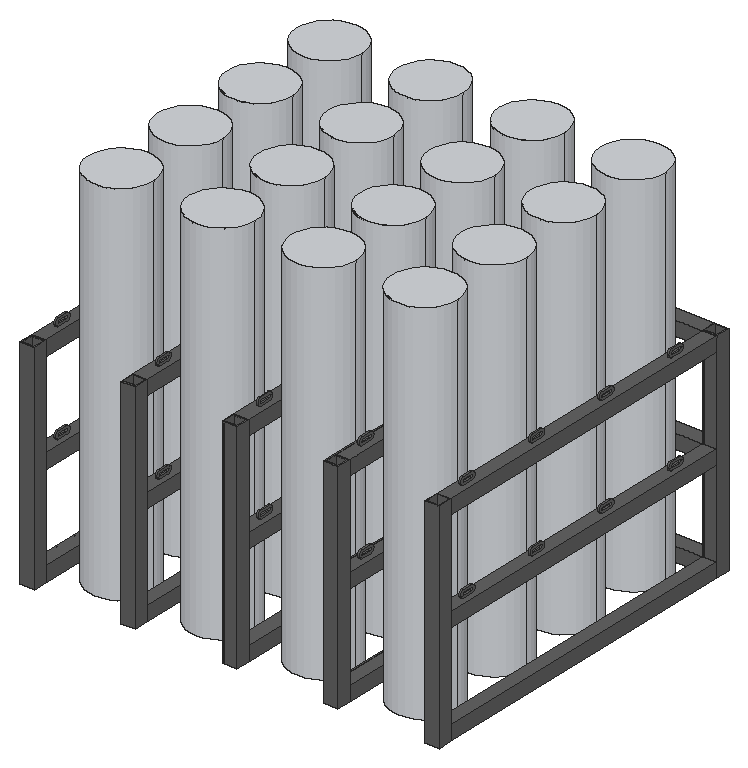
Revit family "4x4-cylinder-rack-BR4X4FS-USAsafety", category Generic Models, Revit 2014
Parameters
  Supplier = "USA Safety Solutions, Inc (www.usasafety.com)"
  Order or Request Quote = "http://www.usasafety.com/contacts"
  URL = "http://www.usasafety.com/4x4-gas-cylinder-rack-barricade-16-cylinders-p-71.html"
  Supplier Email = "sales@usasafety.com"
  Supplier Phone = "1-877-805-8650"
  Capacity = "1-16 cylinders (up to 12\" diameter)"
  Compliance = "NFPA, CGA, OSHA compliant (when used in accordance with guidelines)"
  Model = "#BR4X4FS"
  Manufacturer = ""
  Description = "Gas cylinder storage rack"
  Mounting = "Pre-drilled .531 inch diameter floor mounting holes"
  Accessories = "Two levels of welded steel chains, snaps for each cylinder"
  Weight = "339 lbs"
Reference planes (in)
  plane 1 "Center (Front/Back)": y = 0
  plane 2: z = 0
  plane 3 "Center (Left/Right)": x = 0
  plane 4: through (0.875, -174.54813, -10.63105) normal (0, -0.2588, 0.9659)
  plane 5: through (0.875, -174.54813, -24.63105) normal (0, -0.2588, 0.9659)
  plane 6: through (0.875, -162.54813, -10.63105) normal (0, -0.2588, 0.9659)
  plane 7: through (0.875, -162.54813, -24.63105) normal (0, -0.2588, 0.9659)
  plane 8: through (0.875, -186.54813, -10.63105) normal (0, -0.2588, 0.9659)
  plane 9: through (0.875, -186.54813, -24.63105) normal (0, -0.2588, 0.9659)
  plane 10: through (0.875, -198.54813, -10.63105) normal (0, -0.2588, 0.9659)
  plane 11: through (0.875, -198.54813, -24.63105) normal (0, -0.2588, 0.9659)
Forms (in)
  Extrusion 1, solid, material "USA Safety Steel, Paint Finish, Black, Glossy"
    sketch origin (0, 0, 0) x (1, 0, 0) y (0, 1, 0)
      loop
        line (0, 0) -> (0, -2) -> (2, -2) -> (2, 0) -> (0, 0)
      loop
        line (1.875, -0.125) -> (0.125, -0.125) -> (0.125, -1.875) -> (1.875, -1.875) -> (1.875, -0.125)
    from 0 to 30
  Extrusion 2, solid, material "USA Safety Steel, Paint Finish, Black, Glossy"
    sketch origin (14, 0, 0) x (1, 0, 0) y (0, 1, 0)
      loop
        line (0, 0) -> (0, -2) -> (2, -2) -> (2, 0) -> (0, 0)
      loop
        line (1.875, -0.125) -> (0.125, -0.125) -> (0.125, -1.875) -> (1.875, -1.875) -> (1.875, -0.125)
    from 0 to 30
  Extrusion 3, solid, material "USA Safety Steel, Paint Finish, Black, Glossy"
    sketch origin (0, -48, 0) x (1, 0, 0) y (0, 1, 0)
      loop
        line (0, 0) -> (0, -2) -> (2, -2) -> (2, 0) -> (0, 0)
      loop
        line (1.875, -0.125) -> (0.125, -0.125) -> (0.125, -1.875) -> (1.875, -1.875) -> (1.875, -0.125)
    from 0 to 30
  Extrusion 4, solid, material "USA Safety Steel, Paint Finish, Black, Glossy"
    sketch origin (14, -48, 0) x (1, 0, 0) y (0, 1, 0)
      loop
        line (0, 0) -> (0, -2) -> (2, -2) -> (2, 0) -> (0, 0)
      loop
        line (1.875, -0.125) -> (0.125, -0.125) -> (0.125, -1.875) -> (1.875, -1.875) -> (1.875, -0.125)
    from 0 to 30
  Extrusion 5, solid, material "USA Safety Steel, Paint Finish, Black, Glossy"
    sketch origin (2, 0, 2) x (0, 0, -1) y (0, 1, 0)
      loop
        line (0, 0) -> (0, -2) -> (2, -2) -> (2, 0) -> (0, 0)
      loop
        line (1.875, -0.125) -> (0.125, -0.125) -> (0.125, -1.875) -> (1.875, -1.875) -> (1.875, -0.125)
    from 0 to 12
  Extrusion 6, solid, material "USA Safety Steel, Paint Finish, Black, Glossy"
    sketch origin (2, 0, 30) x (0, 0, -1) y (0, 1, 0)
      loop
        line (0, 0) -> (0, -2) -> (2, -2) -> (2, 0) -> (0, 0)
      loop
        line (1.875, -0.125) -> (0.125, -0.125) -> (0.125, -1.875) -> (1.875, -1.875) -> (1.875, -0.125)
    from 0 to 12
  Extrusion 7, solid, material "USA Safety Steel, Paint Finish, Black, Glossy"
    sketch origin (2, 0, 16) x (0, 0, -1) y (0, 1, 0)
      loop
        line (0, 0) -> (0, -2) -> (2, -2) -> (2, 0) -> (0, 0)
      loop
        line (1.875, -0.125) -> (0.125, -0.125) -> (0.125, -1.875) -> (1.875, -1.875) -> (1.875, -0.125)
    from 0 to 12
  Extrusion 8, solid, material "USA Safety Steel, Paint Finish, Black, Glossy"
    sketch origin (0, -14, 2) x (0, 0, -1) y (-1, 0, 0)
      loop
        line (0, 0) -> (0, -2) -> (2, -2) -> (2, 0) -> (0, 0)
      loop
        line (1.875, -0.125) -> (0.125, -0.125) -> (0.125, -1.875) -> (1.875, -1.875) -> (1.875, -0.125)
    from -34 to 12
  Extrusion 9, solid, material "USA Safety Steel, Paint Finish, Black, Glossy"
    sketch origin (0, -14, 30) x (0, 0, -1) y (-1, 0, 0)
      loop
        line (0, 0) -> (0, -2) -> (2, -2) -> (2, 0) -> (0, 0)
      loop
        line (1.875, -0.125) -> (0.125, -0.125) -> (0.125, -1.875) -> (1.875, -1.875) -> (1.875, -0.125)
    from -34 to 12
  Extrusion 10, solid, material "USA Safety Steel, Paint Finish, Black, Glossy"
    sketch origin (0, -14, 16) x (0, 0, -1) y (-1, 0, 0)
      loop
        line (0, 0) -> (0, -2) -> (2, -2) -> (2, 0) -> (0, 0)
      loop
        line (1.875, -0.125) -> (0.125, -0.125) -> (0.125, -1.875) -> (1.875, -1.875) -> (1.875, -0.125)
    from -34 to 12
  Extrusion 11, solid, material "USA Safety Steel, Paint Finish, Black, Glossy"
    sketch origin (14, -14, 2) x (0, 0, -1) y (-1, 0, 0)
      loop
        line (0, 0) -> (0, -2) -> (2, -2) -> (2, 0) -> (0, 0)
      loop
        line (1.875, -0.125) -> (0.125, -0.125) -> (0.125, -1.875) -> (1.875, -1.875) -> (1.875, -0.125)
    from -34 to 12
  Extrusion 12, solid, material "USA Safety Steel, Paint Finish, Black, Glossy"
    sketch origin (14, -14, 30) x (0, 0, -1) y (-1, 0, 0)
      loop
        line (0, 0) -> (0, -2) -> (2, -2) -> (2, 0) -> (0, 0)
      loop
        line (1.875, -0.125) -> (0.125, -0.125) -> (0.125, -1.875) -> (1.875, -1.875) -> (1.875, -0.125)
    from -34 to 12
  Extrusion 13, solid, material "USA Safety Steel, Paint Finish, Black, Glossy"
    sketch origin (14, -14, 16) x (0, 0, -1) y (-1, 0, 0)
      loop
        line (0, 0) -> (0, -2) -> (2, -2) -> (2, 0) -> (0, 0)
      loop
        line (1.875, -0.125) -> (0.125, -0.125) -> (0.125, -1.875) -> (1.875, -1.875) -> (1.875, -0.125)
    from -34 to 12
  Extrusion 14, solid, material "USA Safety Steel, Paint Finish, Black, Glossy"
    sketch origin (15.125, -11.78704, 39.90169) x (0, -1, 0) y (0, 0, 1)
      loop
        line (19.54046, -9.90169) -> (20.88546, -9.90169)
        arc (20.88546, -9.90169) -> (21.40046, -9.38669) -> (20.88546, -8.87169) r 0.515
        line (20.88546, -8.87169) -> (19.54046, -8.87169)
        arc (19.54046, -8.87169) -> (19.02546, -9.38669) -> (19.54046, -9.90169) r 0.515
      loop
        line (19.54046, -9.65169) -> (20.88546, -9.65169)
        arc (20.88546, -9.65169) -> (21.15046, -9.38669) -> (20.88546, -9.12169) r 0.265
        line (20.88546, -9.12169) -> (19.54046, -9.12169)
        arc (19.54046, -9.12169) -> (19.27546, -9.38669) -> (19.54046, -9.65169) r 0.265
    from 0 to 0.25
  Extrusion 15, solid, material "USA Safety Steel, Paint Finish, Black, Glossy"
    sketch origin (1.125, -11.78704, 39.90169) x (0, -1, 0) y (0, 0, 1)
      loop
        line (19.54046, -9.90169) -> (20.88546, -9.90169)
        arc (20.88546, -9.90169) -> (21.40046, -9.38669) -> (20.88546, -8.87169) r 0.515
        line (20.88546, -8.87169) -> (19.54046, -8.87169)
        arc (19.54046, -8.87169) -> (19.02546, -9.38669) -> (19.54046, -9.90169) r 0.515
      loop
        line (19.54046, -9.65169) -> (20.88546, -9.65169)
        arc (20.88546, -9.65169) -> (21.15046, -9.38669) -> (20.88546, -9.12169) r 0.265
        line (20.88546, -9.12169) -> (19.54046, -9.12169)
        arc (19.54046, -9.12169) -> (19.27546, -9.38669) -> (19.54046, -9.65169) r 0.265
    from 0 to 0.25
  Extrusion 16, solid, material "USA Safety Steel, Paint Finish, Black, Glossy"
    sketch origin (15.125, -11.78704, 25.90169) x (0, -1, 0) y (0, 0, 1)
      loop
        line (19.54046, -9.90169) -> (20.88546, -9.90169)
        arc (20.88546, -9.90169) -> (21.40046, -9.38669) -> (20.88546, -8.87169) r 0.515
        line (20.88546, -8.87169) -> (19.54046, -8.87169)
        arc (19.54046, -8.87169) -> (19.02546, -9.38669) -> (19.54046, -9.90169) r 0.515
      loop
        line (19.54046, -9.65169) -> (20.88546, -9.65169)
        arc (20.88546, -9.65169) -> (21.15046, -9.38669) -> (20.88546, -9.12169) r 0.265
        line (20.88546, -9.12169) -> (19.54046, -9.12169)
        arc (19.54046, -9.12169) -> (19.27546, -9.38669) -> (19.54046, -9.65169) r 0.265
    from 0 to 0.25
  Extrusion 17, solid, material "USA Safety Steel, Paint Finish, Black, Glossy"
    sketch origin (1.125, -11.78704, 25.90169) x (0, -1, 0) y (0, 0, 1)
      loop
        line (19.54046, -9.90169) -> (20.88546, -9.90169)
        arc (20.88546, -9.90169) -> (21.40046, -9.38669) -> (20.88546, -8.87169) r 0.515
        line (20.88546, -8.87169) -> (19.54046, -8.87169)
        arc (19.54046, -8.87169) -> (19.02546, -9.38669) -> (19.54046, -9.90169) r 0.515
      loop
        line (19.54046, -9.65169) -> (20.88546, -9.65169)
        arc (20.88546, -9.65169) -> (21.15046, -9.38669) -> (20.88546, -9.12169) r 0.265
        line (20.88546, -9.12169) -> (19.54046, -9.12169)
        arc (19.54046, -9.12169) -> (19.27546, -9.38669) -> (19.54046, -9.65169) r 0.265
    from 0 to 0.25
  Extrusion 18, solid, material "USA Safety Steel, Paint Finish, Black, Glossy"
    sketch origin (15.125, 0.21296, 39.90169) x (0, -1, 0) y (0, 0, 1)
      loop
        line (19.54046, -9.90169) -> (20.88546, -9.90169)
        arc (20.88546, -9.90169) -> (21.40046, -9.38669) -> (20.88546, -8.87169) r 0.515
        line (20.88546, -8.87169) -> (19.54046, -8.87169)
        arc (19.54046, -8.87169) -> (19.02546, -9.38669) -> (19.54046, -9.90169) r 0.515
      loop
        line (19.54046, -9.65169) -> (20.88546, -9.65169)
        arc (20.88546, -9.65169) -> (21.15046, -9.38669) -> (20.88546, -9.12169) r 0.265
        line (20.88546, -9.12169) -> (19.54046, -9.12169)
        arc (19.54046, -9.12169) -> (19.27546, -9.38669) -> (19.54046, -9.65169) r 0.265
    from 0 to 0.25
  Extrusion 19, solid, material "USA Safety Steel, Paint Finish, Black, Glossy"
    sketch origin (1.125, 0.21296, 39.90169) x (0, -1, 0) y (0, 0, 1)
      loop
        line (19.54046, -9.90169) -> (20.88546, -9.90169)
        arc (20.88546, -9.90169) -> (21.40046, -9.38669) -> (20.88546, -8.87169) r 0.515
        line (20.88546, -8.87169) -> (19.54046, -8.87169)
        arc (19.54046, -8.87169) -> (19.02546, -9.38669) -> (19.54046, -9.90169) r 0.515
      loop
        line (19.54046, -9.65169) -> (20.88546, -9.65169)
        arc (20.88546, -9.65169) -> (21.15046, -9.38669) -> (20.88546, -9.12169) r 0.265
        line (20.88546, -9.12169) -> (19.54046, -9.12169)
        arc (19.54046, -9.12169) -> (19.27546, -9.38669) -> (19.54046, -9.65169) r 0.265
    from 0 to 0.25
  Extrusion 20, solid, material "USA Safety Steel, Paint Finish, Black, Glossy"
    sketch origin (15.125, 0.21296, 25.90169) x (0, -1, 0) y (0, 0, 1)
      loop
        line (19.54046, -9.90169) -> (20.88546, -9.90169)
        arc (20.88546, -9.90169) -> (21.40046, -9.38669) -> (20.88546, -8.87169) r 0.515
        line (20.88546, -8.87169) -> (19.54046, -8.87169)
        arc (19.54046, -8.87169) -> (19.02546, -9.38669) -> (19.54046, -9.90169) r 0.515
      loop
        line (19.54046, -9.65169) -> (20.88546, -9.65169)
        arc (20.88546, -9.65169) -> (21.15046, -9.38669) -> (20.88546, -9.12169) r 0.265
        line (20.88546, -9.12169) -> (19.54046, -9.12169)
        arc (19.54046, -9.12169) -> (19.27546, -9.38669) -> (19.54046, -9.65169) r 0.265
    from 0 to 0.25
  Extrusion 21, solid, material "USA Safety Steel, Paint Finish, Black, Glossy"
    sketch origin (1.125, 0.21296, 25.90169) x (0, -1, 0) y (0, 0, 1)
      loop
        line (19.54046, -9.90169) -> (20.88546, -9.90169)
        arc (20.88546, -9.90169) -> (21.40046, -9.38669) -> (20.88546, -8.87169) r 0.515
        line (20.88546, -8.87169) -> (19.54046, -8.87169)
        arc (19.54046, -8.87169) -> (19.02546, -9.38669) -> (19.54046, -9.90169) r 0.515
      loop
        line (19.54046, -9.65169) -> (20.88546, -9.65169)
        arc (20.88546, -9.65169) -> (21.15046, -9.38669) -> (20.88546, -9.12169) r 0.265
        line (20.88546, -9.12169) -> (19.54046, -9.12169)
        arc (19.54046, -9.12169) -> (19.27546, -9.38669) -> (19.54046, -9.65169) r 0.265
    from 0 to 0.25
  Extrusion 22, solid
    sketch origin (1.65257, -9.13271, 0) x (1, 0, 0) y (0, 1, 0)
      loop
        circle (6.34743, -9.36729) r 4.5
    from 0 to 51
  Extrusion 23, solid
    sketch origin (1.65257, -21.13271, 0) x (1, 0, 0) y (0, 1, 0)
      loop
        circle (6.34743, -9.36729) r 4.5
    from 0 to 51
  Extrusion 24, solid, material "USA Safety Steel, Paint Finish, Black, Glossy"
    sketch origin (15.125, 12.21296, 39.90169) x (0, -1, 0) y (0, 0, 1)
      loop
        line (19.54046, -9.90169) -> (20.88546, -9.90169)
        arc (20.88546, -9.90169) -> (21.40046, -9.38669) -> (20.88546, -8.87169) r 0.515
        line (20.88546, -8.87169) -> (19.54046, -8.87169)
        arc (19.54046, -8.87169) -> (19.02546, -9.38669) -> (19.54046, -9.90169) r 0.515
      loop
        line (19.54046, -9.65169) -> (20.88546, -9.65169)
        arc (20.88546, -9.65169) -> (21.15046, -9.38669) -> (20.88546, -9.12169) r 0.265
        line (20.88546, -9.12169) -> (19.54046, -9.12169)
        arc (19.54046, -9.12169) -> (19.27546, -9.38669) -> (19.54046, -9.65169) r 0.265
    from 0 to 0.25
  Extrusion 25, solid, material "USA Safety Steel, Paint Finish, Black, Glossy"
    sketch origin (1.125, 12.21296, 39.90169) x (0, -1, 0) y (0, 0, 1)
      loop
        line (19.54046, -9.90169) -> (20.88546, -9.90169)
        arc (20.88546, -9.90169) -> (21.40046, -9.38669) -> (20.88546, -8.87169) r 0.515
        line (20.88546, -8.87169) -> (19.54046, -8.87169)
        arc (19.54046, -8.87169) -> (19.02546, -9.38669) -> (19.54046, -9.90169) r 0.515
      loop
        line (19.54046, -9.65169) -> (20.88546, -9.65169)
        arc (20.88546, -9.65169) -> (21.15046, -9.38669) -> (20.88546, -9.12169) r 0.265
        line (20.88546, -9.12169) -> (19.54046, -9.12169)
        arc (19.54046, -9.12169) -> (19.27546, -9.38669) -> (19.54046, -9.65169) r 0.265
    from 0 to 0.25
  Extrusion 26, solid, material "USA Safety Steel, Paint Finish, Black, Glossy"
    sketch origin (15.125, 12.21296, 25.90169) x (0, -1, 0) y (0, 0, 1)
      loop
        line (19.54046, -9.90169) -> (20.88546, -9.90169)
        arc (20.88546, -9.90169) -> (21.40046, -9.38669) -> (20.88546, -8.87169) r 0.515
        line (20.88546, -8.87169) -> (19.54046, -8.87169)
        arc (19.54046, -8.87169) -> (19.02546, -9.38669) -> (19.54046, -9.90169) r 0.515
      loop
        line (19.54046, -9.65169) -> (20.88546, -9.65169)
        arc (20.88546, -9.65169) -> (21.15046, -9.38669) -> (20.88546, -9.12169) r 0.265
        line (20.88546, -9.12169) -> (19.54046, -9.12169)
        arc (19.54046, -9.12169) -> (19.27546, -9.38669) -> (19.54046, -9.65169) r 0.265
    from 0 to 0.25
  Extrusion 27, solid, material "USA Safety Steel, Paint Finish, Black, Glossy"
    sketch origin (1.125, 12.21296, 25.90169) x (0, -1, 0) y (0, 0, 1)
      loop
        line (19.54046, -9.90169) -> (20.88546, -9.90169)
        arc (20.88546, -9.90169) -> (21.40046, -9.38669) -> (20.88546, -8.87169) r 0.515
        line (20.88546, -8.87169) -> (19.54046, -8.87169)
        arc (19.54046, -8.87169) -> (19.02546, -9.38669) -> (19.54046, -9.90169) r 0.515
      loop
        line (19.54046, -9.65169) -> (20.88546, -9.65169)
        arc (20.88546, -9.65169) -> (21.15046, -9.38669) -> (20.88546, -9.12169) r 0.265
        line (20.88546, -9.12169) -> (19.54046, -9.12169)
        arc (19.54046, -9.12169) -> (19.27546, -9.38669) -> (19.54046, -9.65169) r 0.265
    from 0 to 0.25
  Extrusion 28, solid
    sketch origin (1.65257, 2.86729, 0) x (1, 0, 0) y (0, 1, 0)
      loop
        circle (6.34743, -9.36729) r 4.5
    from 0 to 51
  Extrusion 29, solid, material "USA Safety Steel, Paint Finish, Black, Glossy"
    sketch origin (15.125, -23.78704, 39.90169) x (0, -1, 0) y (0, 0, 1)
      loop
        line (19.54046, -9.90169) -> (20.88546, -9.90169)
        arc (20.88546, -9.90169) -> (21.40046, -9.38669) -> (20.88546, -8.87169) r 0.515
        line (20.88546, -8.87169) -> (19.54046, -8.87169)
        arc (19.54046, -8.87169) -> (19.02546, -9.38669) -> (19.54046, -9.90169) r 0.515
      loop
        line (19.54046, -9.65169) -> (20.88546, -9.65169)
        arc (20.88546, -9.65169) -> (21.15046, -9.38669) -> (20.88546, -9.12169) r 0.265
        line (20.88546, -9.12169) -> (19.54046, -9.12169)
        arc (19.54046, -9.12169) -> (19.27546, -9.38669) -> (19.54046, -9.65169) r 0.265
    from 0 to 0.25
  Extrusion 30, solid, material "USA Safety Steel, Paint Finish, Black, Glossy"
    sketch origin (1.125, -23.78704, 39.90169) x (0, -1, 0) y (0, 0, 1)
      loop
        line (19.54046, -9.90169) -> (20.88546, -9.90169)
        arc (20.88546, -9.90169) -> (21.40046, -9.38669) -> (20.88546, -8.87169) r 0.515
        line (20.88546, -8.87169) -> (19.54046, -8.87169)
        arc (19.54046, -8.87169) -> (19.02546, -9.38669) -> (19.54046, -9.90169) r 0.515
      loop
        line (19.54046, -9.65169) -> (20.88546, -9.65169)
        arc (20.88546, -9.65169) -> (21.15046, -9.38669) -> (20.88546, -9.12169) r 0.265
        line (20.88546, -9.12169) -> (19.54046, -9.12169)
        arc (19.54046, -9.12169) -> (19.27546, -9.38669) -> (19.54046, -9.65169) r 0.265
    from 0 to 0.25
  Extrusion 31, solid, material "USA Safety Steel, Paint Finish, Black, Glossy"
    sketch origin (15.125, -23.78704, 25.90169) x (0, -1, 0) y (0, 0, 1)
      loop
        line (19.54046, -9.90169) -> (20.88546, -9.90169)
        arc (20.88546, -9.90169) -> (21.40046, -9.38669) -> (20.88546, -8.87169) r 0.515
        line (20.88546, -8.87169) -> (19.54046, -8.87169)
        arc (19.54046, -8.87169) -> (19.02546, -9.38669) -> (19.54046, -9.90169) r 0.515
      loop
        line (19.54046, -9.65169) -> (20.88546, -9.65169)
        arc (20.88546, -9.65169) -> (21.15046, -9.38669) -> (20.88546, -9.12169) r 0.265
        line (20.88546, -9.12169) -> (19.54046, -9.12169)
        arc (19.54046, -9.12169) -> (19.27546, -9.38669) -> (19.54046, -9.65169) r 0.265
    from 0 to 0.25
  Extrusion 32, solid, material "USA Safety Steel, Paint Finish, Black, Glossy"
    sketch origin (1.125, -23.78704, 25.90169) x (0, -1, 0) y (0, 0, 1)
      loop
        line (19.54046, -9.90169) -> (20.88546, -9.90169)
        arc (20.88546, -9.90169) -> (21.40046, -9.38669) -> (20.88546, -8.87169) r 0.515
        line (20.88546, -8.87169) -> (19.54046, -8.87169)
        arc (19.54046, -8.87169) -> (19.02546, -9.38669) -> (19.54046, -9.90169) r 0.515
      loop
        line (19.54046, -9.65169) -> (20.88546, -9.65169)
        arc (20.88546, -9.65169) -> (21.15046, -9.38669) -> (20.88546, -9.12169) r 0.265
        line (20.88546, -9.12169) -> (19.54046, -9.12169)
        arc (19.54046, -9.12169) -> (19.27546, -9.38669) -> (19.54046, -9.65169) r 0.265
    from 0 to 0.25
  Extrusion 33, solid
    sketch origin (1.65257, -33.13271, 0) x (1, 0, 0) y (0, 1, 0)
      loop
        circle (6.34743, -9.36729) r 4.5
    from 0 to 51
  Extrusion 34, solid, material "USA Safety Steel, Paint Finish, Black, Glossy"
    sketch origin (28, 0, 0) x (1, 0, 0) y (0, 1, 0)
      loop
        line (0, 0) -> (0, -2) -> (2, -2) -> (2, 0) -> (0, 0)
      loop
        line (1.875, -0.125) -> (0.125, -0.125) -> (0.125, -1.875) -> (1.875, -1.875) -> (1.875, -0.125)
    from 0 to 30
  Extrusion 35, solid, material "USA Safety Steel, Paint Finish, Black, Glossy"
    sketch origin (28, -48, 0) x (1, 0, 0) y (0, 1, 0)
      loop
        line (0, 0) -> (0, -2) -> (2, -2) -> (2, 0) -> (0, 0)
      loop
        line (1.875, -0.125) -> (0.125, -0.125) -> (0.125, -1.875) -> (1.875, -1.875) -> (1.875, -0.125)
    from 0 to 30
  Extrusion 36, solid, material "USA Safety Steel, Paint Finish, Black, Glossy"
    sketch origin (16, 0, 2) x (0, 0, -1) y (0, 1, 0)
      loop
        line (0, 0) -> (0, -2) -> (2, -2) -> (2, 0) -> (0, 0)
      loop
        line (1.875, -0.125) -> (0.125, -0.125) -> (0.125, -1.875) -> (1.875, -1.875) -> (1.875, -0.125)
    from 0 to 12
  Extrusion 37, solid, material "USA Safety Steel, Paint Finish, Black, Glossy"
    sketch origin (16, 0, 30) x (0, 0, -1) y (0, 1, 0)
      loop
        line (0, 0) -> (0, -2) -> (2, -2) -> (2, 0) -> (0, 0)
      loop
        line (1.875, -0.125) -> (0.125, -0.125) -> (0.125, -1.875) -> (1.875, -1.875) -> (1.875, -0.125)
    from 0 to 12
  Extrusion 38, solid, material "USA Safety Steel, Paint Finish, Black, Glossy"
    sketch origin (16, 0, 16) x (0, 0, -1) y (0, 1, 0)
      loop
        line (0, 0) -> (0, -2) -> (2, -2) -> (2, 0) -> (0, 0)
      loop
        line (1.875, -0.125) -> (0.125, -0.125) -> (0.125, -1.875) -> (1.875, -1.875) -> (1.875, -0.125)
    from 0 to 12
  Extrusion 39, solid, material "USA Safety Steel, Paint Finish, Black, Glossy"
    sketch origin (28, -14, 2) x (0, 0, -1) y (-1, 0, 0)
      loop
        line (0, 0) -> (0, -2) -> (2, -2) -> (2, 0) -> (0, 0)
      loop
        line (1.875, -0.125) -> (0.125, -0.125) -> (0.125, -1.875) -> (1.875, -1.875) -> (1.875, -0.125)
    from -34 to 12
  Extrusion 40, solid, material "USA Safety Steel, Paint Finish, Black, Glossy"
    sketch origin (28, -14, 30) x (0, 0, -1) y (-1, 0, 0)
      loop
        line (0, 0) -> (0, -2) -> (2, -2) -> (2, 0) -> (0, 0)
      loop
        line (1.875, -0.125) -> (0.125, -0.125) -> (0.125, -1.875) -> (1.875, -1.875) -> (1.875, -0.125)
    from -34 to 12
  Extrusion 41, solid, material "USA Safety Steel, Paint Finish, Black, Glossy"
    sketch origin (28, -14, 16) x (0, 0, -1) y (-1, 0, 0)
      loop
        line (0, 0) -> (0, -2) -> (2, -2) -> (2, 0) -> (0, 0)
      loop
        line (1.875, -0.125) -> (0.125, -0.125) -> (0.125, -1.875) -> (1.875, -1.875) -> (1.875, -0.125)
    from -34 to 12
  Extrusion 42, solid, material "USA Safety Steel, Paint Finish, Black, Glossy"
    sketch origin (29.125, -11.78704, 39.90169) x (0, -1, 0) y (0, 0, 1)
      loop
        line (19.54046, -9.90169) -> (20.88546, -9.90169)
        arc (20.88546, -9.90169) -> (21.40046, -9.38669) -> (20.88546, -8.87169) r 0.515
        line (20.88546, -8.87169) -> (19.54046, -8.87169)
        arc (19.54046, -8.87169) -> (19.02546, -9.38669) -> (19.54046, -9.90169) r 0.515
      loop
        line (19.54046, -9.65169) -> (20.88546, -9.65169)
        arc (20.88546, -9.65169) -> (21.15046, -9.38669) -> (20.88546, -9.12169) r 0.265
        line (20.88546, -9.12169) -> (19.54046, -9.12169)
        arc (19.54046, -9.12169) -> (19.27546, -9.38669) -> (19.54046, -9.65169) r 0.265
    from 0 to 0.25
  Extrusion 43, solid, material "USA Safety Steel, Paint Finish, Black, Glossy"
    sketch origin (29.125, -11.78704, 25.90169) x (0, -1, 0) y (0, 0, 1)
      loop
        line (19.54046, -9.90169) -> (20.88546, -9.90169)
        arc (20.88546, -9.90169) -> (21.40046, -9.38669) -> (20.88546, -8.87169) r 0.515
        line (20.88546, -8.87169) -> (19.54046, -8.87169)
        arc (19.54046, -8.87169) -> (19.02546, -9.38669) -> (19.54046, -9.90169) r 0.515
      loop
        line (19.54046, -9.65169) -> (20.88546, -9.65169)
        arc (20.88546, -9.65169) -> (21.15046, -9.38669) -> (20.88546, -9.12169) r 0.265
        line (20.88546, -9.12169) -> (19.54046, -9.12169)
        arc (19.54046, -9.12169) -> (19.27546, -9.38669) -> (19.54046, -9.65169) r 0.265
    from 0 to 0.25
  Extrusion 44, solid, material "USA Safety Steel, Paint Finish, Black, Glossy"
    sketch origin (29.125, 0.21296, 39.90169) x (0, -1, 0) y (0, 0, 1)
      loop
        line (19.54046, -9.90169) -> (20.88546, -9.90169)
        arc (20.88546, -9.90169) -> (21.40046, -9.38669) -> (20.88546, -8.87169) r 0.515
        line (20.88546, -8.87169) -> (19.54046, -8.87169)
        arc (19.54046, -8.87169) -> (19.02546, -9.38669) -> (19.54046, -9.90169) r 0.515
      loop
        line (19.54046, -9.65169) -> (20.88546, -9.65169)
        arc (20.88546, -9.65169) -> (21.15046, -9.38669) -> (20.88546, -9.12169) r 0.265
        line (20.88546, -9.12169) -> (19.54046, -9.12169)
        arc (19.54046, -9.12169) -> (19.27546, -9.38669) -> (19.54046, -9.65169) r 0.265
    from 0 to 0.25
  Extrusion 45, solid, material "USA Safety Steel, Paint Finish, Black, Glossy"
    sketch origin (29.125, 0.21296, 25.90169) x (0, -1, 0) y (0, 0, 1)
      loop
        line (19.54046, -9.90169) -> (20.88546, -9.90169)
        arc (20.88546, -9.90169) -> (21.40046, -9.38669) -> (20.88546, -8.87169) r 0.515
        line (20.88546, -8.87169) -> (19.54046, -8.87169)
        arc (19.54046, -8.87169) -> (19.02546, -9.38669) -> (19.54046, -9.90169) r 0.515
      loop
        line (19.54046, -9.65169) -> (20.88546, -9.65169)
        arc (20.88546, -9.65169) -> (21.15046, -9.38669) -> (20.88546, -9.12169) r 0.265
        line (20.88546, -9.12169) -> (19.54046, -9.12169)
        arc (19.54046, -9.12169) -> (19.27546, -9.38669) -> (19.54046, -9.65169) r 0.265
    from 0 to 0.25
  Extrusion 46, solid
    sketch origin (15.65257, -9.13271, 0) x (1, 0, 0) y (0, 1, 0)
      loop
        circle (6.34743, -9.36729) r 4.5
    from 0 to 51
  Extrusion 47, solid
    sketch origin (15.65257, -21.13271, 0) x (1, 0, 0) y (0, 1, 0)
      loop
        circle (6.34743, -9.36729) r 4.5
    from 0 to 51
  Extrusion 48, solid, material "USA Safety Steel, Paint Finish, Black, Glossy"
    sketch origin (29.125, 12.21296, 39.90169) x (0, -1, 0) y (0, 0, 1)
      loop
        line (19.54046, -9.90169) -> (20.88546, -9.90169)
        arc (20.88546, -9.90169) -> (21.40046, -9.38669) -> (20.88546, -8.87169) r 0.515
        line (20.88546, -8.87169) -> (19.54046, -8.87169)
        arc (19.54046, -8.87169) -> (19.02546, -9.38669) -> (19.54046, -9.90169) r 0.515
      loop
        line (19.54046, -9.65169) -> (20.88546, -9.65169)
        arc (20.88546, -9.65169) -> (21.15046, -9.38669) -> (20.88546, -9.12169) r 0.265
        line (20.88546, -9.12169) -> (19.54046, -9.12169)
        arc (19.54046, -9.12169) -> (19.27546, -9.38669) -> (19.54046, -9.65169) r 0.265
    from 0 to 0.25
  Extrusion 49, solid, material "USA Safety Steel, Paint Finish, Black, Glossy"
    sketch origin (29.125, 12.21296, 25.90169) x (0, -1, 0) y (0, 0, 1)
      loop
        line (19.54046, -9.90169) -> (20.88546, -9.90169)
        arc (20.88546, -9.90169) -> (21.40046, -9.38669) -> (20.88546, -8.87169) r 0.515
        line (20.88546, -8.87169) -> (19.54046, -8.87169)
        arc (19.54046, -8.87169) -> (19.02546, -9.38669) -> (19.54046, -9.90169) r 0.515
      loop
        line (19.54046, -9.65169) -> (20.88546, -9.65169)
        arc (20.88546, -9.65169) -> (21.15046, -9.38669) -> (20.88546, -9.12169) r 0.265
        line (20.88546, -9.12169) -> (19.54046, -9.12169)
        arc (19.54046, -9.12169) -> (19.27546, -9.38669) -> (19.54046, -9.65169) r 0.265
    from 0 to 0.25
  Extrusion 50, solid
    sketch origin (15.65257, 2.86729, 0) x (1, 0, 0) y (0, 1, 0)
      loop
        circle (6.34743, -9.36729) r 4.5
    from 0 to 51
  Extrusion 51, solid, material "USA Safety Steel, Paint Finish, Black, Glossy"
    sketch origin (29.125, -23.78704, 39.90169) x (0, -1, 0) y (0, 0, 1)
      loop
        line (19.54046, -9.90169) -> (20.88546, -9.90169)
        arc (20.88546, -9.90169) -> (21.40046, -9.38669) -> (20.88546, -8.87169) r 0.515
        line (20.88546, -8.87169) -> (19.54046, -8.87169)
        arc (19.54046, -8.87169) -> (19.02546, -9.38669) -> (19.54046, -9.90169) r 0.515
      loop
        line (19.54046, -9.65169) -> (20.88546, -9.65169)
        arc (20.88546, -9.65169) -> (21.15046, -9.38669) -> (20.88546, -9.12169) r 0.265
        line (20.88546, -9.12169) -> (19.54046, -9.12169)
        arc (19.54046, -9.12169) -> (19.27546, -9.38669) -> (19.54046, -9.65169) r 0.265
    from 0 to 0.25
  Extrusion 52, solid, material "USA Safety Steel, Paint Finish, Black, Glossy"
    sketch origin (29.125, -23.78704, 25.90169) x (0, -1, 0) y (0, 0, 1)
      loop
        line (19.54046, -9.90169) -> (20.88546, -9.90169)
        arc (20.88546, -9.90169) -> (21.40046, -9.38669) -> (20.88546, -8.87169) r 0.515
        line (20.88546, -8.87169) -> (19.54046, -8.87169)
        arc (19.54046, -8.87169) -> (19.02546, -9.38669) -> (19.54046, -9.90169) r 0.515
      loop
        line (19.54046, -9.65169) -> (20.88546, -9.65169)
        arc (20.88546, -9.65169) -> (21.15046, -9.38669) -> (20.88546, -9.12169) r 0.265
        line (20.88546, -9.12169) -> (19.54046, -9.12169)
        arc (19.54046, -9.12169) -> (19.27546, -9.38669) -> (19.54046, -9.65169) r 0.265
    from 0 to 0.25
  Extrusion 53, solid
    sketch origin (15.65257, -33.13271, 0) x (1, 0, 0) y (0, 1, 0)
      loop
        circle (6.34743, -9.36729) r 4.5
    from 0 to 51
  Extrusion 54, solid, material "USA Safety Steel, Paint Finish, Black, Glossy"
    sketch origin (42, 0, 0) x (1, 0, 0) y (0, 1, 0)
      loop
        line (0, 0) -> (0, -2) -> (2, -2) -> (2, 0) -> (0, 0)
      loop
        line (1.875, -0.125) -> (0.125, -0.125) -> (0.125, -1.875) -> (1.875, -1.875) -> (1.875, -0.125)
    from 0 to 30
  Extrusion 55, solid, material "USA Safety Steel, Paint Finish, Black, Glossy"
    sketch origin (42, -48, 0) x (1, 0, 0) y (0, 1, 0)
      loop
        line (0, 0) -> (0, -2) -> (2, -2) -> (2, 0) -> (0, 0)
      loop
        line (1.875, -0.125) -> (0.125, -0.125) -> (0.125, -1.875) -> (1.875, -1.875) -> (1.875, -0.125)
    from 0 to 30
  Extrusion 56, solid, material "USA Safety Steel, Paint Finish, Black, Glossy"
    sketch origin (30, 0, 2) x (0, 0, -1) y (0, 1, 0)
      loop
        line (0, 0) -> (0, -2) -> (2, -2) -> (2, 0) -> (0, 0)
      loop
        line (1.875, -0.125) -> (0.125, -0.125) -> (0.125, -1.875) -> (1.875, -1.875) -> (1.875, -0.125)
    from 0 to 12
  Extrusion 57, solid, material "USA Safety Steel, Paint Finish, Black, Glossy"
    sketch origin (30, 0, 30) x (0, 0, -1) y (0, 1, 0)
      loop
        line (0, 0) -> (0, -2) -> (2, -2) -> (2, 0) -> (0, 0)
      loop
        line (1.875, -0.125) -> (0.125, -0.125) -> (0.125, -1.875) -> (1.875, -1.875) -> (1.875, -0.125)
    from 0 to 12
  Extrusion 58, solid, material "USA Safety Steel, Paint Finish, Black, Glossy"
    sketch origin (30, 0, 16) x (0, 0, -1) y (0, 1, 0)
      loop
        line (0, 0) -> (0, -2) -> (2, -2) -> (2, 0) -> (0, 0)
      loop
        line (1.875, -0.125) -> (0.125, -0.125) -> (0.125, -1.875) -> (1.875, -1.875) -> (1.875, -0.125)
    from 0 to 12
  Extrusion 59, solid, material "USA Safety Steel, Paint Finish, Black, Glossy"
    sketch origin (42, -14, 2) x (0, 0, -1) y (-1, 0, 0)
      loop
        line (0, 0) -> (0, -2) -> (2, -2) -> (2, 0) -> (0, 0)
      loop
        line (1.875, -0.125) -> (0.125, -0.125) -> (0.125, -1.875) -> (1.875, -1.875) -> (1.875, -0.125)
    from -34 to 12
  Extrusion 60, solid, material "USA Safety Steel, Paint Finish, Black, Glossy"
    sketch origin (42, -14, 30) x (0, 0, -1) y (-1, 0, 0)
      loop
        line (0, 0) -> (0, -2) -> (2, -2) -> (2, 0) -> (0, 0)
      loop
        line (1.875, -0.125) -> (0.125, -0.125) -> (0.125, -1.875) -> (1.875, -1.875) -> (1.875, -0.125)
    from -34 to 12
  Extrusion 61, solid, material "USA Safety Steel, Paint Finish, Black, Glossy"
    sketch origin (42, -14, 16) x (0, 0, -1) y (-1, 0, 0)
      loop
        line (0, 0) -> (0, -2) -> (2, -2) -> (2, 0) -> (0, 0)
      loop
        line (1.875, -0.125) -> (0.125, -0.125) -> (0.125, -1.875) -> (1.875, -1.875) -> (1.875, -0.125)
    from -34 to 12
  Extrusion 62, solid, material "USA Safety Steel, Paint Finish, Black, Glossy"
    sketch origin (43.125, -11.78704, 39.90169) x (0, -1, 0) y (0, 0, 1)
      loop
        line (19.54046, -9.90169) -> (20.88546, -9.90169)
        arc (20.88546, -9.90169) -> (21.40046, -9.38669) -> (20.88546, -8.87169) r 0.515
        line (20.88546, -8.87169) -> (19.54046, -8.87169)
        arc (19.54046, -8.87169) -> (19.02546, -9.38669) -> (19.54046, -9.90169) r 0.515
      loop
        line (19.54046, -9.65169) -> (20.88546, -9.65169)
        arc (20.88546, -9.65169) -> (21.15046, -9.38669) -> (20.88546, -9.12169) r 0.265
        line (20.88546, -9.12169) -> (19.54046, -9.12169)
        arc (19.54046, -9.12169) -> (19.27546, -9.38669) -> (19.54046, -9.65169) r 0.265
    from 0 to 0.25
  Extrusion 63, solid, material "USA Safety Steel, Paint Finish, Black, Glossy"
    sketch origin (43.125, -11.78704, 25.90169) x (0, -1, 0) y (0, 0, 1)
      loop
        line (19.54046, -9.90169) -> (20.88546, -9.90169)
        arc (20.88546, -9.90169) -> (21.40046, -9.38669) -> (20.88546, -8.87169) r 0.515
        line (20.88546, -8.87169) -> (19.54046, -8.87169)
        arc (19.54046, -8.87169) -> (19.02546, -9.38669) -> (19.54046, -9.90169) r 0.515
      loop
        line (19.54046, -9.65169) -> (20.88546, -9.65169)
        arc (20.88546, -9.65169) -> (21.15046, -9.38669) -> (20.88546, -9.12169) r 0.265
        line (20.88546, -9.12169) -> (19.54046, -9.12169)
        arc (19.54046, -9.12169) -> (19.27546, -9.38669) -> (19.54046, -9.65169) r 0.265
    from 0 to 0.25
  Extrusion 64, solid, material "USA Safety Steel, Paint Finish, Black, Glossy"
    sketch origin (43.125, 0.21296, 39.90169) x (0, -1, 0) y (0, 0, 1)
      loop
        line (19.54046, -9.90169) -> (20.88546, -9.90169)
        arc (20.88546, -9.90169) -> (21.40046, -9.38669) -> (20.88546, -8.87169) r 0.515
        line (20.88546, -8.87169) -> (19.54046, -8.87169)
        arc (19.54046, -8.87169) -> (19.02546, -9.38669) -> (19.54046, -9.90169) r 0.515
      loop
        line (19.54046, -9.65169) -> (20.88546, -9.65169)
        arc (20.88546, -9.65169) -> (21.15046, -9.38669) -> (20.88546, -9.12169) r 0.265
        line (20.88546, -9.12169) -> (19.54046, -9.12169)
        arc (19.54046, -9.12169) -> (19.27546, -9.38669) -> (19.54046, -9.65169) r 0.265
    from 0 to 0.25
  Extrusion 65, solid, material "USA Safety Steel, Paint Finish, Black, Glossy"
    sketch origin (43.125, 0.21296, 25.90169) x (0, -1, 0) y (0, 0, 1)
      loop
        line (19.54046, -9.90169) -> (20.88546, -9.90169)
        arc (20.88546, -9.90169) -> (21.40046, -9.38669) -> (20.88546, -8.87169) r 0.515
        line (20.88546, -8.87169) -> (19.54046, -8.87169)
        arc (19.54046, -8.87169) -> (19.02546, -9.38669) -> (19.54046, -9.90169) r 0.515
      loop
        line (19.54046, -9.65169) -> (20.88546, -9.65169)
        arc (20.88546, -9.65169) -> (21.15046, -9.38669) -> (20.88546, -9.12169) r 0.265
        line (20.88546, -9.12169) -> (19.54046, -9.12169)
        arc (19.54046, -9.12169) -> (19.27546, -9.38669) -> (19.54046, -9.65169) r 0.265
    from 0 to 0.25
  Extrusion 66, solid
    sketch origin (29.65257, -9.13271, 0) x (1, 0, 0) y (0, 1, 0)
      loop
        circle (6.34743, -9.36729) r 4.5
    from 0 to 51
  Extrusion 67, solid
    sketch origin (29.65257, -21.13271, 0) x (1, 0, 0) y (0, 1, 0)
      loop
        circle (6.34743, -9.36729) r 4.5
    from 0 to 51
  Extrusion 68, solid, material "USA Safety Steel, Paint Finish, Black, Glossy"
    sketch origin (43.125, 12.21296, 39.90169) x (0, -1, 0) y (0, 0, 1)
      loop
        line (19.54046, -9.90169) -> (20.88546, -9.90169)
        arc (20.88546, -9.90169) -> (21.40046, -9.38669) -> (20.88546, -8.87169) r 0.515
        line (20.88546, -8.87169) -> (19.54046, -8.87169)
        arc (19.54046, -8.87169) -> (19.02546, -9.38669) -> (19.54046, -9.90169) r 0.515
      loop
        line (19.54046, -9.65169) -> (20.88546, -9.65169)
        arc (20.88546, -9.65169) -> (21.15046, -9.38669) -> (20.88546, -9.12169) r 0.265
        line (20.88546, -9.12169) -> (19.54046, -9.12169)
        arc (19.54046, -9.12169) -> (19.27546, -9.38669) -> (19.54046, -9.65169) r 0.265
    from 0 to 0.25
  Extrusion 69, solid, material "USA Safety Steel, Paint Finish, Black, Glossy"
    sketch origin (43.125, 12.21296, 25.90169) x (0, -1, 0) y (0, 0, 1)
      loop
        line (19.54046, -9.90169) -> (20.88546, -9.90169)
        arc (20.88546, -9.90169) -> (21.40046, -9.38669) -> (20.88546, -8.87169) r 0.515
        line (20.88546, -8.87169) -> (19.54046, -8.87169)
        arc (19.54046, -8.87169) -> (19.02546, -9.38669) -> (19.54046, -9.90169) r 0.515
      loop
        line (19.54046, -9.65169) -> (20.88546, -9.65169)
        arc (20.88546, -9.65169) -> (21.15046, -9.38669) -> (20.88546, -9.12169) r 0.265
        line (20.88546, -9.12169) -> (19.54046, -9.12169)
        arc (19.54046, -9.12169) -> (19.27546, -9.38669) -> (19.54046, -9.65169) r 0.265
    from 0 to 0.25
  Extrusion 70, solid
    sketch origin (29.65257, 2.86729, 0) x (1, 0, 0) y (0, 1, 0)
      loop
        circle (6.34743, -9.36729) r 4.5
    from 0 to 51
  Extrusion 71, solid, material "USA Safety Steel, Paint Finish, Black, Glossy"
    sketch origin (43.125, -23.78704, 39.90169) x (0, -1, 0) y (0, 0, 1)
      loop
        line (19.54046, -9.90169) -> (20.88546, -9.90169)
        arc (20.88546, -9.90169) -> (21.40046, -9.38669) -> (20.88546, -8.87169) r 0.515
        line (20.88546, -8.87169) -> (19.54046, -8.87169)
        arc (19.54046, -8.87169) -> (19.02546, -9.38669) -> (19.54046, -9.90169) r 0.515
      loop
        line (19.54046, -9.65169) -> (20.88546, -9.65169)
        arc (20.88546, -9.65169) -> (21.15046, -9.38669) -> (20.88546, -9.12169) r 0.265
        line (20.88546, -9.12169) -> (19.54046, -9.12169)
        arc (19.54046, -9.12169) -> (19.27546, -9.38669) -> (19.54046, -9.65169) r 0.265
    from 0 to 0.25
  Extrusion 72, solid, material "USA Safety Steel, Paint Finish, Black, Glossy"
    sketch origin (43.125, -23.78704, 25.90169) x (0, -1, 0) y (0, 0, 1)
      loop
        line (19.54046, -9.90169) -> (20.88546, -9.90169)
        arc (20.88546, -9.90169) -> (21.40046, -9.38669) -> (20.88546, -8.87169) r 0.515
        line (20.88546, -8.87169) -> (19.54046, -8.87169)
        arc (19.54046, -8.87169) -> (19.02546, -9.38669) -> (19.54046, -9.90169) r 0.515
      loop
        line (19.54046, -9.65169) -> (20.88546, -9.65169)
        arc (20.88546, -9.65169) -> (21.15046, -9.38669) -> (20.88546, -9.12169) r 0.265
        line (20.88546, -9.12169) -> (19.54046, -9.12169)
        arc (19.54046, -9.12169) -> (19.27546, -9.38669) -> (19.54046, -9.65169) r 0.265
    from 0 to 0.25
  Extrusion 73, solid
    sketch origin (29.65257, -33.13271, 0) x (1, 0, 0) y (0, 1, 0)
      loop
        circle (6.34743, -9.36729) r 4.5
    from 0 to 51
  Extrusion 74, solid, material "USA Safety Steel, Paint Finish, Black, Glossy"
    sketch origin (56, 0, 0) x (1, 0, 0) y (0, 1, 0)
      loop
        line (0, 0) -> (0, -2) -> (2, -2) -> (2, 0) -> (0, 0)
      loop
        line (1.875, -0.125) -> (0.125, -0.125) -> (0.125, -1.875) -> (1.875, -1.875) -> (1.875, -0.125)
    from 0 to 30
  Extrusion 75, solid, material "USA Safety Steel, Paint Finish, Black, Glossy"
    sketch origin (56, -48, 0) x (1, 0, 0) y (0, 1, 0)
      loop
        line (0, 0) -> (0, -2) -> (2, -2) -> (2, 0) -> (0, 0)
      loop
        line (1.875, -0.125) -> (0.125, -0.125) -> (0.125, -1.875) -> (1.875, -1.875) -> (1.875, -0.125)
    from 0 to 30
  Extrusion 76, solid, material "USA Safety Steel, Paint Finish, Black, Glossy"
    sketch origin (44, 0, 2) x (0, 0, -1) y (0, 1, 0)
      loop
        line (0, 0) -> (0, -2) -> (2, -2) -> (2, 0) -> (0, 0)
      loop
        line (1.875, -0.125) -> (0.125, -0.125) -> (0.125, -1.875) -> (1.875, -1.875) -> (1.875, -0.125)
    from 0 to 12
  Extrusion 77, solid, material "USA Safety Steel, Paint Finish, Black, Glossy"
    sketch origin (44, 0, 30) x (0, 0, -1) y (0, 1, 0)
      loop
        line (0, 0) -> (0, -2) -> (2, -2) -> (2, 0) -> (0, 0)
      loop
        line (1.875, -0.125) -> (0.125, -0.125) -> (0.125, -1.875) -> (1.875, -1.875) -> (1.875, -0.125)
    from 0 to 12
  Extrusion 78, solid, material "USA Safety Steel, Paint Finish, Black, Glossy"
    sketch origin (44, 0, 16) x (0, 0, -1) y (0, 1, 0)
      loop
        line (0, 0) -> (0, -2) -> (2, -2) -> (2, 0) -> (0, 0)
      loop
        line (1.875, -0.125) -> (0.125, -0.125) -> (0.125, -1.875) -> (1.875, -1.875) -> (1.875, -0.125)
    from 0 to 12
  Extrusion 79, solid, material "USA Safety Steel, Paint Finish, Black, Glossy"
    sketch origin (56, -14, 2) x (0, 0, -1) y (-1, 0, 0)
      loop
        line (0, 0) -> (0, -2) -> (2, -2) -> (2, 0) -> (0, 0)
      loop
        line (1.875, -0.125) -> (0.125, -0.125) -> (0.125, -1.875) -> (1.875, -1.875) -> (1.875, -0.125)
    from -34 to 12
  Extrusion 80, solid, material "USA Safety Steel, Paint Finish, Black, Glossy"
    sketch origin (56, -14, 30) x (0, 0, -1) y (-1, 0, 0)
      loop
        line (0, 0) -> (0, -2) -> (2, -2) -> (2, 0) -> (0, 0)
      loop
        line (1.875, -0.125) -> (0.125, -0.125) -> (0.125, -1.875) -> (1.875, -1.875) -> (1.875, -0.125)
    from -34 to 12
  Extrusion 81, solid, material "USA Safety Steel, Paint Finish, Black, Glossy"
    sketch origin (56, -14, 16) x (0, 0, -1) y (-1, 0, 0)
      loop
        line (0, 0) -> (0, -2) -> (2, -2) -> (2, 0) -> (0, 0)
      loop
        line (1.875, -0.125) -> (0.125, -0.125) -> (0.125, -1.875) -> (1.875, -1.875) -> (1.875, -0.125)
    from -34 to 12
  Extrusion 82, solid, material "USA Safety Steel, Paint Finish, Black, Glossy"
    sketch origin (57.125, -11.78704, 39.90169) x (0, -1, 0) y (0, 0, 1)
      loop
        line (19.54046, -9.90169) -> (20.88546, -9.90169)
        arc (20.88546, -9.90169) -> (21.40046, -9.38669) -> (20.88546, -8.87169) r 0.515
        line (20.88546, -8.87169) -> (19.54046, -8.87169)
        arc (19.54046, -8.87169) -> (19.02546, -9.38669) -> (19.54046, -9.90169) r 0.515
      loop
        line (19.54046, -9.65169) -> (20.88546, -9.65169)
        arc (20.88546, -9.65169) -> (21.15046, -9.38669) -> (20.88546, -9.12169) r 0.265
        line (20.88546, -9.12169) -> (19.54046, -9.12169)
        arc (19.54046, -9.12169) -> (19.27546, -9.38669) -> (19.54046, -9.65169) r 0.265
    from 0 to 0.25
  Extrusion 83, solid, material "USA Safety Steel, Paint Finish, Black, Glossy"
    sketch origin (57.125, -11.78704, 25.90169) x (0, -1, 0) y (0, 0, 1)
      loop
        line (19.54046, -9.90169) -> (20.88546, -9.90169)
        arc (20.88546, -9.90169) -> (21.40046, -9.38669) -> (20.88546, -8.87169) r 0.515
        line (20.88546, -8.87169) -> (19.54046, -8.87169)
        arc (19.54046, -8.87169) -> (19.02546, -9.38669) -> (19.54046, -9.90169) r 0.515
      loop
        line (19.54046, -9.65169) -> (20.88546, -9.65169)
        arc (20.88546, -9.65169) -> (21.15046, -9.38669) -> (20.88546, -9.12169) r 0.265
        line (20.88546, -9.12169) -> (19.54046, -9.12169)
        arc (19.54046, -9.12169) -> (19.27546, -9.38669) -> (19.54046, -9.65169) r 0.265
    from 0 to 0.25
  Extrusion 84, solid, material "USA Safety Steel, Paint Finish, Black, Glossy"
    sketch origin (57.125, 0.21296, 39.90169) x (0, -1, 0) y (0, 0, 1)
      loop
        line (19.54046, -9.90169) -> (20.88546, -9.90169)
        arc (20.88546, -9.90169) -> (21.40046, -9.38669) -> (20.88546, -8.87169) r 0.515
        line (20.88546, -8.87169) -> (19.54046, -8.87169)
        arc (19.54046, -8.87169) -> (19.02546, -9.38669) -> (19.54046, -9.90169) r 0.515
      loop
        line (19.54046, -9.65169) -> (20.88546, -9.65169)
        arc (20.88546, -9.65169) -> (21.15046, -9.38669) -> (20.88546, -9.12169) r 0.265
        line (20.88546, -9.12169) -> (19.54046, -9.12169)
        arc (19.54046, -9.12169) -> (19.27546, -9.38669) -> (19.54046, -9.65169) r 0.265
    from 0 to 0.25
  Extrusion 85, solid, material "USA Safety Steel, Paint Finish, Black, Glossy"
    sketch origin (57.125, 0.21296, 25.90169) x (0, -1, 0) y (0, 0, 1)
      loop
        line (19.54046, -9.90169) -> (20.88546, -9.90169)
        arc (20.88546, -9.90169) -> (21.40046, -9.38669) -> (20.88546, -8.87169) r 0.515
        line (20.88546, -8.87169) -> (19.54046, -8.87169)
        arc (19.54046, -8.87169) -> (19.02546, -9.38669) -> (19.54046, -9.90169) r 0.515
      loop
        line (19.54046, -9.65169) -> (20.88546, -9.65169)
        arc (20.88546, -9.65169) -> (21.15046, -9.38669) -> (20.88546, -9.12169) r 0.265
        line (20.88546, -9.12169) -> (19.54046, -9.12169)
        arc (19.54046, -9.12169) -> (19.27546, -9.38669) -> (19.54046, -9.65169) r 0.265
    from 0 to 0.25
  Extrusion 86, solid
    sketch origin (43.65257, -9.13271, 0) x (1, 0, 0) y (0, 1, 0)
      loop
        circle (6.34743, -9.36729) r 4.5
    from 0 to 51
  Extrusion 87, solid
    sketch origin (43.65257, -21.13271, 0) x (1, 0, 0) y (0, 1, 0)
      loop
        circle (6.34743, -9.36729) r 4.5
    from 0 to 51
  Extrusion 88, solid, material "USA Safety Steel, Paint Finish, Black, Glossy"
    sketch origin (57.125, 12.21296, 39.90169) x (0, -1, 0) y (0, 0, 1)
      loop
        line (19.54046, -9.90169) -> (20.88546, -9.90169)
        arc (20.88546, -9.90169) -> (21.40046, -9.38669) -> (20.88546, -8.87169) r 0.515
        line (20.88546, -8.87169) -> (19.54046, -8.87169)
        arc (19.54046, -8.87169) -> (19.02546, -9.38669) -> (19.54046, -9.90169) r 0.515
      loop
        line (19.54046, -9.65169) -> (20.88546, -9.65169)
        arc (20.88546, -9.65169) -> (21.15046, -9.38669) -> (20.88546, -9.12169) r 0.265
        line (20.88546, -9.12169) -> (19.54046, -9.12169)
        arc (19.54046, -9.12169) -> (19.27546, -9.38669) -> (19.54046, -9.65169) r 0.265
    from 0 to 0.25
  Extrusion 89, solid, material "USA Safety Steel, Paint Finish, Black, Glossy"
    sketch origin (57.125, 12.21296, 25.90169) x (0, -1, 0) y (0, 0, 1)
      loop
        line (19.54046, -9.90169) -> (20.88546, -9.90169)
        arc (20.88546, -9.90169) -> (21.40046, -9.38669) -> (20.88546, -8.87169) r 0.515
        line (20.88546, -8.87169) -> (19.54046, -8.87169)
        arc (19.54046, -8.87169) -> (19.02546, -9.38669) -> (19.54046, -9.90169) r 0.515
      loop
        line (19.54046, -9.65169) -> (20.88546, -9.65169)
        arc (20.88546, -9.65169) -> (21.15046, -9.38669) -> (20.88546, -9.12169) r 0.265
        line (20.88546, -9.12169) -> (19.54046, -9.12169)
        arc (19.54046, -9.12169) -> (19.27546, -9.38669) -> (19.54046, -9.65169) r 0.265
    from 0 to 0.25
  Extrusion 90, solid
    sketch origin (43.65257, 2.86729, 0) x (1, 0, 0) y (0, 1, 0)
      loop
        circle (6.34743, -9.36729) r 4.5
    from 0 to 51
  Extrusion 91, solid, material "USA Safety Steel, Paint Finish, Black, Glossy"
    sketch origin (57.125, -23.78704, 39.90169) x (0, -1, 0) y (0, 0, 1)
      loop
        line (19.54046, -9.90169) -> (20.88546, -9.90169)
        arc (20.88546, -9.90169) -> (21.40046, -9.38669) -> (20.88546, -8.87169) r 0.515
        line (20.88546, -8.87169) -> (19.54046, -8.87169)
        arc (19.54046, -8.87169) -> (19.02546, -9.38669) -> (19.54046, -9.90169) r 0.515
      loop
        line (19.54046, -9.65169) -> (20.88546, -9.65169)
        arc (20.88546, -9.65169) -> (21.15046, -9.38669) -> (20.88546, -9.12169) r 0.265
        line (20.88546, -9.12169) -> (19.54046, -9.12169)
        arc (19.54046, -9.12169) -> (19.27546, -9.38669) -> (19.54046, -9.65169) r 0.265
    from 0 to 0.25
  Extrusion 92, solid, material "USA Safety Steel, Paint Finish, Black, Glossy"
    sketch origin (57.125, -23.78704, 25.90169) x (0, -1, 0) y (0, 0, 1)
      loop
        line (19.54046, -9.90169) -> (20.88546, -9.90169)
        arc (20.88546, -9.90169) -> (21.40046, -9.38669) -> (20.88546, -8.87169) r 0.515
        line (20.88546, -8.87169) -> (19.54046, -8.87169)
        arc (19.54046, -8.87169) -> (19.02546, -9.38669) -> (19.54046, -9.90169) r 0.515
      loop
        line (19.54046, -9.65169) -> (20.88546, -9.65169)
        arc (20.88546, -9.65169) -> (21.15046, -9.38669) -> (20.88546, -9.12169) r 0.265
        line (20.88546, -9.12169) -> (19.54046, -9.12169)
        arc (19.54046, -9.12169) -> (19.27546, -9.38669) -> (19.54046, -9.65169) r 0.265
    from 0 to 0.25
  Extrusion 93, solid
    sketch origin (43.65257, -33.13271, 0) x (1, 0, 0) y (0, 1, 0)
      loop
        circle (6.34743, -9.36729) r 4.5
    from 0 to 51
Lines and regions (in)
  model lines
    curve 1: spline (1.125, -20, 30.78) -> (1.35926, -21, 30.51205) -> (2.04608, -21.93185, 30.26236) -> (3.13864, -22.73205, 30.04795) -> (4.5625, -23.34607, 29.88342) -> (6.22062, -23.73205, 29.78) -> (8, -23.8637, 29.74472) -> (9.77938, -23.73205, 29.78) -> (11.4375, -23.34607, 29.88342) -> (12.86136, -22.73205, 30.04795) -> (13.95392, -21.93185, 30.26236) -> (14.64074, -21, 30.51205) -> (14.875, -20, 30.78)
    curve 2: spline (1.125, -20, 16.78) -> (1.35926, -21, 16.51205) -> (2.04608, -21.93185, 16.26236) -> (3.13864, -22.73205, 16.04795) -> (4.5625, -23.34607, 15.88342) -> (6.22062, -23.73205, 15.78) -> (8, -23.8637, 15.74472) -> (9.77938, -23.73205, 15.78) -> (11.4375, -23.34607, 15.88342) -> (12.86136, -22.73205, 16.04795) -> (13.95392, -21.93185, 16.26236) -> (14.64074, -21, 16.51205) -> (14.875, -20, 16.78)
    curve 3: spline (1.125, -8, 30.78) -> (1.35926, -9, 30.51205) -> (2.04608, -9.93185, 30.26236) -> (3.13864, -10.73205, 30.04795) -> (4.5625, -11.34607, 29.88342) -> (6.22062, -11.73205, 29.78) -> (8, -11.8637, 29.74472) -> (9.77938, -11.73205, 29.78) -> (11.4375, -11.34607, 29.88342) -> (12.86136, -10.73205, 30.04795) -> (13.95392, -9.93185, 30.26236) -> (14.64074, -9, 30.51205) -> (14.875, -8, 30.78)
    curve 4: spline (1.125, -8, 16.78) -> (1.35926, -9, 16.51205) -> (2.04608, -9.93185, 16.26236) -> (3.13864, -10.73205, 16.04795) -> (4.5625, -11.34607, 15.88342) -> (6.22062, -11.73205, 15.78) -> (8, -11.8637, 15.74472) -> (9.77938, -11.73205, 15.78) -> (11.4375, -11.34607, 15.88342) -> (12.86136, -10.73205, 16.04795) -> (13.95392, -9.93185, 16.26236) -> (14.64074, -9, 16.51205) -> (14.875, -8, 16.78)
    curve 5: spline (1.125, -32, 30.78) -> (1.35926, -33, 30.51205) -> (2.04608, -33.93185, 30.26236) -> (3.13864, -34.73205, 30.04795) -> (4.5625, -35.34607, 29.88342) -> (6.22062, -35.73205, 29.78) -> (8, -35.8637, 29.74472) -> (9.77938, -35.73205, 29.78) -> (11.4375, -35.34607, 29.88342) -> (12.86136, -34.73205, 30.04795) -> (13.95392, -33.93185, 30.26236) -> (14.64074, -33, 30.51205) -> (14.875, -32, 30.78)
    curve 6: spline (1.125, -32, 16.78) -> (1.35926, -33, 16.51205) -> (2.04608, -33.93185, 16.26236) -> (3.13864, -34.73205, 16.04795) -> (4.5625, -35.34607, 15.88342) -> (6.22062, -35.73205, 15.78) -> (8, -35.8637, 15.74472) -> (9.77938, -35.73205, 15.78) -> (11.4375, -35.34607, 15.88342) -> (12.86136, -34.73205, 16.04795) -> (13.95392, -33.93185, 16.26236) -> (14.64074, -33, 16.51205) -> (14.875, -32, 16.78)
    curve 7: spline (1.125, -44, 30.78) -> (1.35926, -45, 30.51205) -> (2.04608, -45.93185, 30.26236) -> (3.13864, -46.73205, 30.04795) -> (4.5625, -47.34607, 29.88342) -> (6.22062, -47.73205, 29.78) -> (8, -47.8637, 29.74472) -> (9.77938, -47.73205, 29.78) -> (11.4375, -47.34607, 29.88342) -> (12.86136, -46.73205, 30.04795) -> (13.95392, -45.93185, 30.26236) -> (14.64074, -45, 30.51205) -> (14.875, -44, 30.78)
    curve 8: spline (1.125, -44, 16.78) -> (1.35926, -45, 16.51205) -> (2.04608, -45.93185, 16.26236) -> (3.13864, -46.73205, 16.04795) -> (4.5625, -47.34607, 15.88342) -> (6.22062, -47.73205, 15.78) -> (8, -47.8637, 15.74472) -> (9.77938, -47.73205, 15.78) -> (11.4375, -47.34607, 15.88342) -> (12.86136, -46.73205, 16.04795) -> (13.95392, -45.93185, 16.26236) -> (14.64074, -45, 16.51205) -> (14.875, -44, 16.78)
    curve 9: spline (15.125, -20, 30.78) -> (15.35926, -21, 30.51205) -> (16.04608, -21.93185, 30.26236) -> (17.13864, -22.73205, 30.04795) -> (18.5625, -23.34607, 29.88342) -> (20.22062, -23.73205, 29.78) -> (22, -23.8637, 29.74472) -> (23.77938, -23.73205, 29.78) -> (25.4375, -23.34607, 29.88342) -> (26.86136, -22.73205, 30.04795) -> (27.95392, -21.93185, 30.26236) -> (28.64074, -21, 30.51205) -> (28.875, -20, 30.78)
    curve 10: spline (15.125, -20, 16.78) -> (15.35926, -21, 16.51205) -> (16.04608, -21.93185, 16.26236) -> (17.13864, -22.73205, 16.04795) -> (18.5625, -23.34607, 15.88342) -> (20.22062, -23.73205, 15.78) -> (22, -23.8637, 15.74472) -> (23.77938, -23.73205, 15.78) -> (25.4375, -23.34607, 15.88342) -> (26.86136, -22.73205, 16.04795) -> (27.95392, -21.93185, 16.26236) -> (28.64074, -21, 16.51205) -> (28.875, -20, 16.78)
    curve 11: spline (15.125, -8, 30.78) -> (15.35926, -9, 30.51205) -> (16.04608, -9.93185, 30.26236) -> (17.13864, -10.73205, 30.04795) -> (18.5625, -11.34607, 29.88342) -> (20.22062, -11.73205, 29.78) -> (22, -11.8637, 29.74472) -> (23.77938, -11.73205, 29.78) -> (25.4375, -11.34607, 29.88342) -> (26.86136, -10.73205, 30.04795) -> (27.95392, -9.93185, 30.26236) -> (28.64074, -9, 30.51205) -> (28.875, -8, 30.78)
    curve 12: spline (15.125, -8, 16.78) -> (15.35926, -9, 16.51205) -> (16.04608, -9.93185, 16.26236) -> (17.13864, -10.73205, 16.04795) -> (18.5625, -11.34607, 15.88342) -> (20.22062, -11.73205, 15.78) -> (22, -11.8637, 15.74472) -> (23.77938, -11.73205, 15.78) -> (25.4375, -11.34607, 15.88342) -> (26.86136, -10.73205, 16.04795) -> (27.95392, -9.93185, 16.26236) -> (28.64074, -9, 16.51205) -> (28.875, -8, 16.78)
    curve 13: spline (15.125, -32, 30.78) -> (15.35926, -33, 30.51205) -> (16.04608, -33.93185, 30.26236) -> (17.13864, -34.73205, 30.04795) -> (18.5625, -35.34607, 29.88342) -> (20.22062, -35.73205, 29.78) -> (22, -35.8637, 29.74472) -> (23.77938, -35.73205, 29.78) -> (25.4375, -35.34607, 29.88342) -> (26.86136, -34.73205, 30.04795) -> (27.95392, -33.93185, 30.26236) -> (28.64074, -33, 30.51205) -> (28.875, -32, 30.78)
    curve 14: spline (15.125, -32, 16.78) -> (15.35926, -33, 16.51205) -> (16.04608, -33.93185, 16.26236) -> (17.13864, -34.73205, 16.04795) -> (18.5625, -35.34607, 15.88342) -> (20.22062, -35.73205, 15.78) -> (22, -35.8637, 15.74472) -> (23.77938, -35.73205, 15.78) -> (25.4375, -35.34607, 15.88342) -> (26.86136, -34.73205, 16.04795) -> (27.95392, -33.93185, 16.26236) -> (28.64074, -33, 16.51205) -> (28.875, -32, 16.78)
    curve 15: spline (15.125, -44, 30.78) -> (15.35926, -45, 30.51205) -> (16.04608, -45.93185, 30.26236) -> (17.13864, -46.73205, 30.04795) -> (18.5625, -47.34607, 29.88342) -> (20.22062, -47.73205, 29.78) -> (22, -47.8637, 29.74472) -> (23.77938, -47.73205, 29.78) -> (25.4375, -47.34607, 29.88342) -> (26.86136, -46.73205, 30.04795) -> (27.95392, -45.93185, 30.26236) -> (28.64074, -45, 30.51205) -> (28.875, -44, 30.78)
    curve 16: spline (15.125, -44, 16.78) -> (15.35926, -45, 16.51205) -> (16.04608, -45.93185, 16.26236) -> (17.13864, -46.73205, 16.04795) -> (18.5625, -47.34607, 15.88342) -> (20.22062, -47.73205, 15.78) -> (22, -47.8637, 15.74472) -> (23.77938, -47.73205, 15.78) -> (25.4375, -47.34607, 15.88342) -> (26.86136, -46.73205, 16.04795) -> (27.95392, -45.93185, 16.26236) -> (28.64074, -45, 16.51205) -> (28.875, -44, 16.78)
    curve 17: spline (29.125, -20, 30.78) -> (29.35926, -21, 30.51205) -> (30.04608, -21.93185, 30.26236) -> (31.13864, -22.73205, 30.04795) -> (32.5625, -23.34607, 29.88342) -> (34.22062, -23.73205, 29.78) -> (36, -23.8637, 29.74472) -> (37.77938, -23.73205, 29.78) -> (39.4375, -23.34607, 29.88342) -> (40.86136, -22.73205, 30.04795) -> (41.95392, -21.93185, 30.26236) -> (42.64074, -21, 30.51205) -> (42.875, -20, 30.78)
